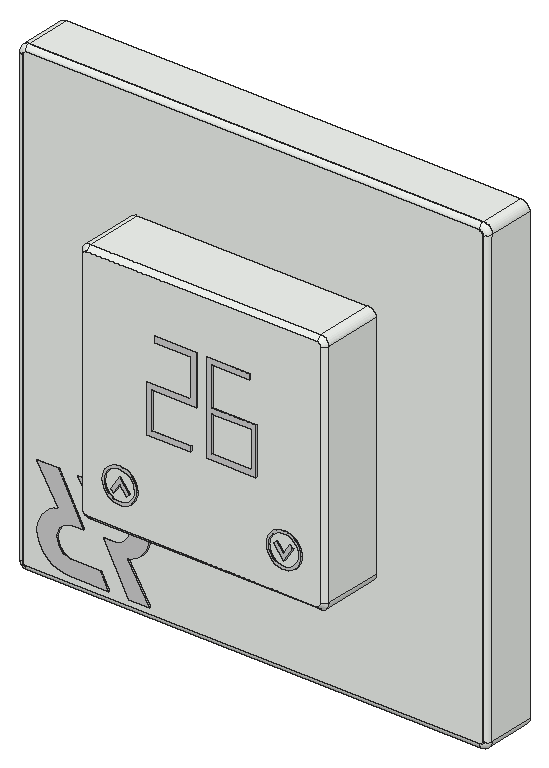
Revit family "РИДАН_Электронный комнатный термостат RSmart-SW", category Оборудование, Revit 2019
Family settings
  Размер круглого соединителя = Использовать диаметр
  Классификация = Нет
  Тип детали = Нормальный
  На основе рабочей плоскости = Да
  Всегда вертикально = Да
  При загрузке вырезать с полостями = Нет
  Общий = Нет
  Точка расчета площади = Нет
Parameters
  Default Elevation = 1219.2 mm
  Контакты_Производитель = "info@ridan.ru"  # constant formula
  Датчик пола FS-R [instance] = yes
  ADSK_Полная мощность = 1 VA  # constant formula
  ADSK_Напряжение = 24 V  # constant formula
  ADSK_Наименование = "Комнатный сенсорный термостат RSmart-SW с Wi-Fi подключением 230V, встраиваемый, белый "  # constant formula
  ADSK_Масса_Текст = ""
  ADSK_Масса = 0
  ADSK_Марка = "RSmart-SW"  # constant formula
  ADSK_Коэффициент мощности = 1  # constant formula
  ADSK_Количество = 1  # constant formula
  ADSK_Код изделия = "088L1141R"  # constant formula
  ADSK_Классификация нагрузок = Прочее
  ADSK_Завод-изготовитель = "ООО «Ридан-Трейд»"  # constant formula
  ADSK_Единица измерения = "шт."
  ADSK_Диаметр условный = 0 mm
  ADSK_Версия семейства = "1.0"  # constant formula
  ADSK_Версия Revit = "2019"  # constant formula
Reference planes
  plane 1 "По центру (Вперед/Назад)": y = 0
  plane 2: z = 0
  plane 3 "По центру (Влево/Вправо)": x = 0
Forms (mm)
  Extrusion 1, solid, material "RSmart_Белый", detail levels fine
    sketch origin (0, 0, 0) x (1, 0, 0) y (0, 0, 1)
      loop
        arc (-41.54, 43) -> (-42.572, 42.572) -> (-43, 41.54) r 1.46
        line (-43, 41.54) -> (-43, -41.527)
        arc (-43, -41.527) -> (-42.568, -42.568) -> (-41.527, -43) r 1.473
        line (-41.527, -43) -> (41.52, -43)
        arc (41.52, -43) -> (42.567, -42.567) -> (43, -41.52) r 1.48
        line (43, -41.52) -> (43, 41.454)
        arc (43, 41.454) -> (42.547, 42.547) -> (41.454, 43) r 1.546
        line (41.454, 43) -> (-41.54, 43)
    from 0 to 8.5
  Sweep 2, solid, material "RSmart_Белый", detail levels fine
    path in 3D
      loop
        arc (-41.54, -8.5, 43) -> (-42.572, -8.5, 42.572) -> (-43, -8.5, 41.54) r 1.46
        line (-43, -8.5, 41.54) -> (-43, -8.5, -41.527)
        arc (-43, -8.5, -41.527) -> (-42.568, -8.5, -42.568) -> (-41.527, -8.5, -43) r 1.473
        line (-41.527, -8.5, -43) -> (41.52, -8.5, -43)
        arc (41.52, -8.5, -43) -> (42.567, -8.5, -42.567) -> (43, -8.5, -41.52) r 1.48
        line (43, -8.5, -41.52) -> (43, -8.5, 41.454)
        arc (43, -8.5, 41.454) -> (42.547, -8.5, 42.547) -> (41.454, -8.5, 43) r 1.546
        line (41.454, -8.5, 43) -> (-41.54, -8.5, 43)
    profile origin (-0.043, -8.5, 43) x (0, -1, 0) y (0, 0, 1)
      loop
        line (0, -0.955) -> (0.955, -0.955)
        arc (0.955, -0.955) -> (0.675, -0.28) -> (0, 0) r 0.955
        line (0, 0) -> (0, -0.955)
  Extrusion 3, solid, material "RSmart_Белый", detail levels fine
    sketch origin (0, 0, 0) x (1, 0, 0) y (0, 0, 1)
      loop
        arc (-41.54, 42.045) -> (-41.897, 41.897) -> (-42.045, 41.54) r 0.505
        line (-42.045, 41.54) -> (-42.045, -41.527)
        arc (-42.045, -41.527) -> (-41.893, -41.893) -> (-41.527, -42.045) r 0.518
        line (-41.527, -42.045) -> (41.52, -42.045)
        arc (41.52, -42.045) -> (41.891, -41.891) -> (42.045, -41.52) r 0.525
        line (42.045, -41.52) -> (42.045, 41.454)
        arc (42.045, 41.454) -> (41.872, 41.872) -> (41.454, 42.045) r 0.591
        line (41.454, 42.045) -> (-41.54, 42.045)
    from 0 to 9.455
  Extrusion 4, solid, material "RSmart_Белый", detail levels fine
    sketch origin (0, 0, 0) x (1, 0, 0) y (0, 0, 1)
      loop
        arc (-21.048, 22.453) -> (-22.092, 22.02) -> (-22.524, 20.976) r 1.476
        line (-22.524, 20.976) -> (-22.524, -20.967)
        arc (-22.524, -20.967) -> (-22.089, -22.018) -> (-21.039, -22.453) r 1.486
        line (-21.039, -22.453) -> (21.024, -22.453)
        arc (21.024, -22.453) -> (22.085, -22.013) -> (22.524, -20.953) r 1.5
        line (22.524, -20.953) -> (22.524, 20.97)
        arc (22.524, 20.97) -> (22.09, 22.019) -> (21.042, 22.453) r 1.482
        line (21.042, 22.453) -> (-21.048, 22.453)
    from 9.455 to 21
  Extrusion 5, solid, material "RSmart_Серый", detail levels fine
    sketch origin (1.878, 0, 0) x (1, 0, 0) y (0, 0, 1)
      loop
        line (-10.495, 12.198) -> (-10.495, 11.198) -> (-3.814, 11.198) -> (-3.814, 4.239) -> (-11.918, 4.239) -> (-11.918, -4.421) -> (-3.814, -4.421) -> (-3.814, -3.421) -> (-10.918, -3.421) -> (-10.918, 3.239) -> (-2.814, 3.239) -> (-2.814, 12.198) -> (-10.495, 12.198)
      loop
        line (6.813, 11.198) -> (6.813, 12.198) -> (-0.941, 12.198) -> (-0.941, -4.421) -> (8.023, -4.421) -> (8.023, 4.239) -> (0, 4.239) -> (0, 11.198) -> (6.813, 11.198)
      loop
        line (0, 3.239) -> (0, -3.421) -> (7.311, -3.421) -> (7.311, 3.239) -> (0, 3.239)
    from 20.1 to 21.1
  Extrusion 6, solid, material "RSmart_Серый", detail levels fine
    sketch origin (-0.19, 0, 0) x (1, 0, 0) y (0, 0, 1)
      loop
        circle (-14.81, -14.48) r 2.736
      loop
        circle (-14.81, -14.48) r 3.184
      loop
        line (-15.84, -15.991) -> (-14.792, -14.376) -> (-13.527, -15.884) -> (-12.914, -15.369) -> (-14.874, -13.034) -> (-16.511, -15.555) -> (-15.84, -15.991)
      loop
        circle (15.19, -14.48) r 2.736
      loop
        circle (15.19, -14.48) r 3.184
      loop
        line (16.206, -13.338) -> (15.157, -14.952) -> (13.892, -13.445) -> (13.28, -13.959) -> (15.24, -16.295) -> (16.877, -13.774) -> (16.206, -13.338)
    from 20.1 to 21.1
  Extrusion 7, solid, material "RSmart_Серый", detail levels fine
    sketch origin (0, 0, 0) x (1, 0, 0) y (0, 0, 1)
      loop
        line (-35.36, -23.845) -> (-39.325, -23.845) -> (-35.297, -30.408)
        arc (-35.297, -30.408) -> (-38.077, -32.087) -> (-39.269, -35.107) r 5.072
        arc (-39.269, -35.107) -> (-37.424, -39.128) -> (-33.33, -40.805) r 6.025
        line (-33.33, -40.805) -> (-26.175, -40.805) -> (-27.688, -38.011) -> (-32.842, -38.011)
        arc (-32.842, -38.011) -> (-34.809, -37.091) -> (-35.617, -35.075) r 2.958
        arc (-35.617, -35.075) -> (-34.745, -33.164) -> (-32.819, -32.329) r 2.928
        line (-32.819, -32.329) -> (-30.767, -32.326) -> (-35.36, -23.845)
      loop
        line (-30.282, -26.639) -> (-25.121, -26.639)
        arc (-25.121, -26.639) -> (-23.153, -27.559) -> (-22.345, -29.576) r 2.957
        arc (-22.345, -29.576) -> (-23.217, -31.486) -> (-25.144, -32.32) r 2.927
        line (-25.144, -32.32) -> (-27.176, -32.32) -> (-22.537, -40.805) -> (-18.638, -40.805) -> (-22.667, -34.242)
        arc (-22.667, -34.242) -> (-19.887, -32.563) -> (-18.694, -29.542) r 5.074
        arc (-18.694, -29.542) -> (-20.539, -25.522) -> (-24.632, -23.845) r 6.025
        line (-24.632, -23.845) -> (-31.809, -23.845) -> (-30.282, -26.639)
    from 8.6 to 9.6
  Sweep 8, void
    path in 3D
      loop
        arc (-21.048, -21, 22.453) -> (-22.092, -21, 22.02) -> (-22.524, -21, 20.976) r 1.476
        line (-22.524, -21, 20.976) -> (-22.524, -21, -20.967)
        arc (-22.524, -21, -20.967) -> (-22.089, -21, -22.018) -> (-21.039, -21, -22.453) r 1.486
        line (-21.039, -21, -22.453) -> (21.024, -21, -22.453)
        arc (21.024, -21, -22.453) -> (22.085, -21, -22.013) -> (22.524, -21, -20.953) r 1.5
        line (22.524, -21, -20.953) -> (22.524, -21, 20.97)
        arc (22.524, -21, 20.97) -> (22.09, -21, 22.019) -> (21.042, -21, 22.453) r 1.482
        line (21.042, -21, 22.453) -> (-21.048, -21, 22.453)
    profile origin (-0.003, -21, 22.453) x (0, -1, 0) y (0, 0, 1)
      loop
        line (0, 0) -> (-0.8, 0)
        arc (-0.8, 0) -> (-0.387, -0.387) -> (0, -0.8) r 8.717
        line (0, -0.8) -> (0, 0)
Cuts and joins
  Sweep 8 cuts Extrusion 4
Lines and regions (mm)
  sketch lines
    curve 1: line (41.454, -8.5, 43) -> (-41.54, -8.5, 43)
    curve 2: arc (41.454, -8.5, 43) -> (42.547, -8.5, 42.547) -> (43, -8.5, 41.454) r 1.546
    curve 3: line (43, -8.5, -41.52) -> (43, -8.5, 41.454)
    curve 4: arc (43, -8.5, -41.52) -> (42.567, -8.5, -42.567) -> (41.52, -8.5, -43) r 1.48
    curve 5: line (-41.527, -8.5, -43) -> (41.52, -8.5, -43)
    curve 6: arc (-41.527, -8.5, -43) -> (-42.568, -8.5, -42.568) -> (-43, -8.5, -41.527) r 1.473
    curve 7: line (-43, -8.5, 41.54) -> (-43, -8.5, -41.527)
    curve 8: arc (-43, -8.5, 41.54) -> (-42.572, -8.5, 42.572) -> (-41.54, -8.5, 43) r 1.46
    curve 9: line (21.042, -21, 22.453) -> (-21.048, -21, 22.453)
    curve 10: arc (21.042, -21, 22.453) -> (22.09, -21, 22.019) -> (22.524, -21, 20.97) r 1.482
    curve 11: line (22.524, -21, -20.953) -> (22.524, -21, 20.97)
    curve 12: arc (22.524, -21, -20.953) -> (22.085, -21, -22.013) -> (21.024, -21, -22.453) r 1.5
    curve 13: line (-21.039, -21, -22.453) -> (21.024, -21, -22.453)
    curve 14: arc (-21.039, -21, -22.453) -> (-22.089, -21, -22.018) -> (-22.524, -21, -20.967) r 1.486
    curve 15: line (-22.524, -21, 20.976) -> (-22.524, -21, -20.967)
    curve 16: arc (-22.524, -21, 20.976) -> (-22.092, -21, 22.02) -> (-21.048, -21, 22.453) r 1.476
Dimensions and locks
  aligned and locked: level to plane 2
Nested families
  nested 1: "Влж_FS-R" at (0, -3.075, 0), visible <- "Датчик пола FS-R", type "Влж_FS-R", detail levels fine
    with Видимость yes
Connectors
  electrical at (0, 0, 0), driven by "ADSK_Напряжение", driven by "ADSK_Полная мощность", driven by "ADSK_Коэффициент мощности"
    settings: index 1, voltage 24 V, apparent load 1 VA, apparent load phase1 0 VA, apparent load phase2 0 VA, apparent load phase3 0 VA, power factor 1, load classification "Прочее", number of poles 1, system type 30, power factor state 1, is connector primary yes, connector utility no, sub classification motor no, connector description ""
Definition of nested family "Влж_FS-R"
  Parameters (values of type "Влж_FS-R")
    Контакты_Производитель = "info@ridan.ru"  # constant formula
    Видимость [instance] = yes
    ADSK_Наименование = "Датчик температуры пола FS-R, 3 метра, IP54"  # constant formula
    ADSK_Масса_Текст = ""
    ADSK_Масса = 0
    ADSK_Марка = "FS-R"  # constant formula
    ADSK_Количество = 1  # constant formula
    ADSK_Код изделия = "088U0610R"  # constant formula
    ADSK_Завод-изготовитель = "ООО «Ридан-Трейд»"  # constant formula
    ADSK_Единица измерения = "шт."
    ADSK_Версия семейства = "1.0"  # constant formula
    ADSK_Версия Revit = "2019"  # constant formula
  Reference planes
    plane 1 "По центру (Вперед/Назад)": y = 0
    plane 2: z = 0
    plane 3 "По центру (Влево/Вправо)": x = 0
  Forms (mm)
    Extrusion 1, solid, visible <- "Видимость"
      sketch origin (0, 0, 0) x (1, 0, 0) y (0, 1, 0)
        loop
          circle (0, 0) r 0.82
      from 0 to 1
  Dimensions and locks
    aligned and locked: level to plane 2
